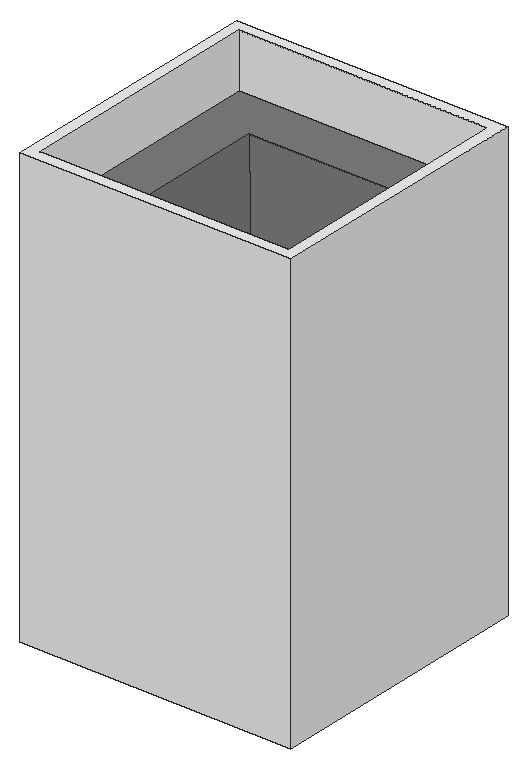
Revit family "Bitpop C 1.0", category Lighting Fixtures, Revit 2017
Family settings
  Round Connector Dimension = Use Diameter
  Part Type = Normal
  OmniClass Number = 23.80.70.00
  OmniClass Title = Lighting
  Work Plane-Based = Yes
  Always vertical = No
  Cut with Voids When Loaded = No
  Light Source = Yes
  Shared = No
  Room Calculation Point = Yes
Parameters (values of type "Bitpop C 1.0_F 30° (3000K 6.5W 24Vdc)")
  Wiring = "-"
  Width mm = 50 mm
  Weight kg = "0.30"
  Wattage = 3.23141 W
  built-in parameter 1150110 = 1 (stored number, unit not read)
  Voltage = 24 V
  URL Technical sheet = "https://www.lucelight.it/media/prodotti/st/ST_BITPOP_C_10.pdf"
  URL Image = "https://www.lucelight.it/media/prodotti/foto/bitpop_c_1.0_still.jpg"
  URL IES Photometric file = "https://www.lucelight.it/media/prodotti/fotometrie/bitpop_c_1.0_ies.zip"
  URL General code = "https://www.lucelight.it/en/prodotto.php/109337#a-generacodice"
  URL Description = "https://www.lucelight.it/en/capitolato.php/109337"
  URL DXF = "https://www.lucelight.it/media/prodotti/dxf/bitpop_c_1.0.dxf"
  URL Catalogue = "https://www.lucelight.it/media/prodotti/brochure/bitpop_c_brochure_en.pdf"
  URL Accessories and power supply units = "https://www.lucelight.it/en/prodotto.php/109337#a-scheda-accessori"
  URL = "https://www.lucelight.it/en/prodotto.php/109337"
  built-in parameter 1114217 = 1 (stored number, unit not read)
  Tilt Angle = 90.00°
  built-in parameter 1150109 = 1 (stored number, unit not read)
  built-in parameter 1150134 = (empty or 0)
  built-in parameter 1150113 = 1 (stored number, unit not read)
  Photometric Web File = "BITPOP C 1.0 F 30° [3000K 6.5W 24Vdc].IES"
  Model = "Bitpop C 1.0"
  Manufacturer = "L&L Luce&Light"
  built-in parameter 1150105 = 38.197 (stored number, unit not read)
  Lumens = 480 lm
  built-in parameter 1150115 = 1 (stored number, unit not read)
  built-in parameter 1150137 = (empty or 0)
  built-in parameter 1150139 = (empty or 0)
  built-in parameter 1150112 = 1 (stored number, unit not read)
  built-in parameter 1150114 = 1 (stored number, unit not read)
  built-in parameter 1150132 = 2
  built-in parameter 1150102 = (empty or 0)
  built-in parameter 1150107 = 3000 (stored number, unit not read)
  built-in parameter 1150138 = (empty or 0)
  built-in parameter 1150106 = 0.38197 (stored number, unit not read)
  Geometry = Bitpop C 1.0_mod : Bitpop C 1.0_mod
  Trim = L&L_Steel
  Power supply unit = "not included"
  Power supply = "24Vdc"
  Power cables = "includes 1.5 m PVC cable FROR 2x0.50 diam. 5.00 mm"
  Power = "6.5W"
  Optics = "30°"
  Notes = "Bitpop 1.0 recessed version"
  No. and type of led = "1 high-intensity power LED"
  Mounting = "surface mounted (ceiling)"
  Material = "body in aluminium trim in steel"
  Lumen output at source = "480 lm (3000K)"
  Lens = L&L_Lens
  Length mm = 50 mm
  LED Colour = "3000K (also available: 2700K and 4000K - ref. URL Technical sheet)"
  IP = "40"
  Height mm = 81 mm
  Features = "-"
  Energy efficiency class = "A A+ A++"
  Emit from Line Length = 609.6 mm
  built-in parameter 1150104 = 13.8 (stored number, unit not read)
  Dimming Lamp Color Temperature Shift = <None>
  Description = "Indoor ceiling mounted"
  Delivered lumen output = "335 lm (3000K, 30°)"
  Default Elevation = 1219.2 mm
  Cutout dimensions = "-"
  Control system = "on/off; 1-10V + PUSH; DALI + PUSH"
  Contact = "T: +39 0444 360571; E: lucelight@lucelight.it"
  Company = "L&L Luce&Light"
  Color Filter = 16777215
  Code = "BC1000 B 0 White - Black; BC1000 N 0 Black - White"
  CRI = "90 (also available: CRI 80 - ref. URL Technical sheet)"
  Body = L&L_White aluminium
  built-in parameter 1114218 = 1 (stored number, unit not read)
  built-in parameter 1150133 = 10 (stored number, unit not read)
  Apparent Load Phase 1 = 6.5 W
Types (4, lengths in mm): name | Photometric Web File | Optics | LED Colour
  Bitpop C 1.0_F 30° (3000K 6.5W 24Vdc) | "BITPOP C 1.0 F 30° [3000K 6.5W 24Vdc].IES" | "30°" | "3000K (also available: 2700K and 4000K - ref. URL Technical sheet)"
  Bitpop C 1.0_L 42° (3000K 6.5W 24Vdc) | "BITPOP C 1.0 L 42° [3000K 6.5W 24Vdc].IES" | "42°" | "3000K (also available: 2700K and 4000K - ref. URL Technical sheet)"
  Bitpop C 1.0_S 17° (3000K 6.5W 24Vdc) | "BITPOP C 1.0 S 17° [3000K 6.5W 24Vdc].IES" | "17°" | "3000K (also available: 2700K and 4000K - ref. URL Technical sheet)"
  Bitpop C 1.0_W 17°x45° (3000K 6.5W 24Vdc) | "BITPOP C 1.0 W 17°x45° [3000K 6.5W 24Vdc].IES" | "17°x45°" | "3000K (also available: 2700K and 4000K - ref. URL Technical sheet)"
Reference planes
  plane 1 "Light Source Axis (F/B)": y = 0
  plane 2: z = 0
  plane 3 "Light Source Axis (L/R)": x = 0
  plane 4 "Light Source Elevation": z = 1500
Dimensions and locks
  aligned and locked: level to plane 2
Nested families
  nested 1: "Bitpop C 1.0_mod" at (0, 0, 0), type <- "Geometry", type "Bitpop C 1.0_mod"
Connectors
  electrical at (0, 0, 0), driven by "Voltage", driven by "Apparent Load Phase 1"
    settings: index 1, voltage 24 V, apparent load 0 VA, apparent load phase1 6.5 VA, apparent load phase2 0 VA, apparent load phase3 0 VA, power factor 1, load classification "Lighting", number of poles 1, system type 31, power factor state 1, is connector primary yes, connector utility no, sub classification motor no, connector description ""
Definition of nested family "Bitpop C 1.0_mod"
  Parameters (values of type "Bitpop C 1.0_mod")
    Trim = none
    Lens = none
    Default Elevation = 1219.2 mm
    Body = none
  Reference planes
    plane 1 "Light Source Axis (F/B)": y = 0
    plane 2: z = 0
    plane 3 "Light Source Axis (L/R)": x = 0
    plane 4 "Light Source Elevation": z = 1500
    plane 5: z = 81
    plane 6: z = 51
    plane 7: z = 57.429
  Forms (mm)
    Extrusion 1, solid, material <- "Body", detail levels coarse
      sketch origin (0, 0, 0) x (1, 0, 0) y (0, 1, 0)
        loop
          line (-25, 25) -> (-25, -25) -> (25, -25) -> (25, 25) -> (-25, 25)
      from 0 to 81
    Extrusion 2, solid, material <- "Body", detail levels medium
      sketch origin (0, 0, 0) x (1, 0, 0) y (0, 1, 0)
        loop
          line (-25, 25) -> (-25, -25) -> (25, -25) -> (25, 25) -> (-25, 25)
      from 0 to 81
    Blend 3, void
      base sketch origin (0, 0, 0) x (1, 0, 0) y (0, 1, 0)
        loop
          line (14.83, 14.829) -> (-14.829, 14.829) -> (-14.829, -14.83) -> (14.83, -14.83) -> (14.83, 14.829)
      top sketch origin (0, 0, 0) x (1, 0, 0) y (0, 1, 0)
        loop
          line (12.113, -12.114) -> (12.113, 12.113) -> (-12.113, 12.113) -> (-12.113, -12.114) -> (12.113, -12.114)
      from 81 to 51
    Extrusion 4, void
      sketch origin (0, 0, 0) x (1, 0, 0) y (0, 1, 0)
        loop
          circle (0, 0) r 10.7
      from 45 to 52.088
    Extrusion 5, solid, material <- "Lens", detail levels medium
      sketch origin (0, 0, 0) x (1, 0, 0) y (0, 1, 0)
        loop
          circle (0, 0) r 10.7
      from 50 to 51
    Extrusion 6, solid, material <- "Body", detail levels fine
      sketch origin (0, 0, 0) x (1, 0, 0) y (0, 1, 0)
        loop
          line (-25, 25) -> (-25, -25) -> (25, -25) -> (25, 25) -> (-25, 25)
        loop
          line (-23, 23) -> (-23, -23) -> (23, -23) -> (23, 23) -> (-23, 23)
      from 0 to 81
    Extrusion 7, solid, material <- "Trim", detail levels fine
      sketch origin (0, 0, 0) x (1, 0, 0) y (0, 1, 0)
        loop
          line (-23, 23) -> (-23, -23) -> (23, -23) -> (23, 23) -> (-23, 23)
      from 0 to 71
    Blend 8, void
      base sketch origin (0, 0, 0) x (1, 0, 0) y (0, 1, 0)
        loop
          line (14.83, 14.829) -> (-14.829, 14.829) -> (-14.829, -14.83) -> (14.83, -14.83) -> (14.83, 14.829)
      top sketch origin (0, 0, 0) x (1, 0, 0) y (0, 1, 0)
        loop
          line (12.113, 12.113) -> (-12.113, 12.113) -> (-12.113, -12.114) -> (12.113, -12.114) -> (12.113, 12.113)
      from 81 to 51
    Extrusion 9, void
      sketch origin (0, 0, 0) x (1, 0, 0) y (0, 1, 0)
        loop
          circle (0, 0) r 10.7
      from 45 to 51
    Extrusion 10, solid, material <- "Lens", detail levels fine
      sketch origin (0, 0, 0) x (1, 0, 0) y (0, 1, 0)
        loop
          circle (0, 0) r 10.7
      from 50 to 51
  Cuts and joins
    Blend 3, Extrusion 4 cuts Extrusion 2
    Blend 8, Extrusion 9 cuts Extrusion 7
  Dimensions and locks
    plane 6 to plane 5 = 30 mm
    aligned and locked: level to plane 2
